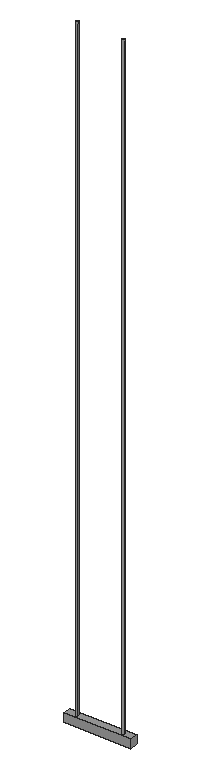
Revit family "Dyanmo Trapeze Hanger with height diameter", category Generic Models, Revit 2017
Family settings
  Can host rebar = No
  Round Connector Dimension = Use Diameter
  Part Type = Normal
  Work Plane-Based = No
  Always vertical = Yes
  Cut with Voids When Loaded = No
  Shared = No
  Room Calculation Point = No
Parameters
  Unistrut length [instance] = 0' - 10.70469"
  Unistrut Depth [instance] = 0' - 1 5/8"
  Outside Pipe Diameter [instance] = 0' - 6 3/4"
  Height Diameter [instance] = 0' - 6 3/4"
  Hanger Width [instance] = 0' - 6.70469"
  Anchor Elevation [instance] = 10' - 0"
Reference planes (in)
  plane 1 "Center (Front/Back)": y = 0
  plane 2: z = 0
  plane 3 "Center (Left/Right)": x = 0
  plane 4: z = 120
  plane 5: x = 4.625
  plane 6: x = -4.625
  plane 7: x = 6.625
  plane 8: x = -6.625
  plane 9: y = 0.8125
  plane 10: y = -0.8125
  plane 11: z = -5
  plane 12: y = -0.8125
  plane 13: y = 0.8125
  plane 14: x = 3.375
  plane 15: x = -3.375
  plane 16: z = -3.375
  plane 17: z = 3.375
Forms (in)
  Extrusion 1, solid, material "Default"
    sketch origin (3.35234, 0, 0) x (1, 0, 0) y (0, 1, 0)
      loop
        circle (1.27266, 0) r 0.25
    from -3.375 to 120
  Extrusion 2, solid, material "Default"
    sketch origin (-3.35234, 0, 0) x (1, 0, 0) y (0, 1, 0)
      loop
        circle (-1.27266, 0) r 0.25
    from -3.375 to 120
  Extrusion 3, solid, material "Default"
    sketch origin (0, 0, 0) x (1, 0, 0) y (0, 1, 0)
      loop
        line (-6.625, 0.8125) -> (-6.625, -0.8125) -> (6.625, -0.8125) -> (6.625, 0.8125) -> (-6.625, 0.8125)
    from -3.375 to -5
Dimensions and locks (in)
  "Anchor Elevation": level to plane 4
  plane 11 to level = 0' - 5"
  locked: plane 13 to plane 12 at 1.625
  locked: plane 8 to plane 6 at 2
  locked: plane 5 to plane 7 at 2
  "Outside Pipe Diameter": plane 15 to plane 14
  equal spacing: plane 6, plane 3 "Center (Left/Right)", plane 5
  locked: plane 14 to plane 5 at 1.25
  locked: plane 6 to plane 15 at 1.25
  "Unistrut Depth": plane 16 to plane 11
  equal spacing: plane 17, level, plane 16
  "Height Diameter": plane 17 to plane 16
  plane 11 to plane 16 = 0' - 1 5/8"
  aligned and locked: plane 2 to level
  aligned and locked: plane 8 to Extrusion 3 sketch curve
  aligned and locked: Extrusion 3 sketch curve to plane 9
  aligned and locked: Extrusion 3 sketch curve to plane 7
  aligned and locked: Extrusion 3 sketch curve to plane 10
  aligned and locked: plane 11 to Extrusion 3
  aligned and locked: plane 13 to Extrusion 3
  aligned and locked: Extrusion 3 to plane 12
  aligned and locked: plane 16 to Extrusion 3
  aligned and locked: Extrusion 1 to Extrusion 3
  aligned and locked: Extrusion 2 to Extrusion 3
  aligned and locked: Extrusion 1 to plane 4
  aligned and locked: Extrusion 2 to plane 4
Automatic sketch dimensions
  plane 1 "Center (Front/Back)" to Extrusion 1 sketch curve = 0' - 0"
  Extrusion 1 sketch curve to plane 5 = 0' - 0"
  plane 1 "Center (Front/Back)" to Extrusion 2 sketch curve = 0' - 0"
  Extrusion 2 sketch curve to plane 6 = 0' - 0"
  radius of Extrusion 1 sketch curve = 0' - 0 1/4"
  radius of Extrusion 2 sketch curve = 0' - 0 1/4"
